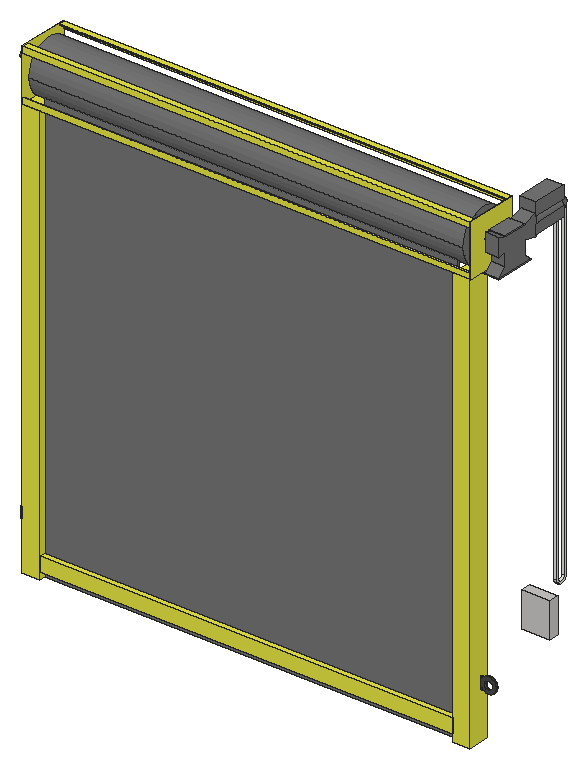
Revit family "CHI_Overhead_MaxSpeed350_120x120", category Doors, host Wall, Revit 2024
Family settings
  Host = Wall
  OmniClass Number = 23.30.10.00
  OmniClass Title = Doors
  Always vertical = Yes
  Cut with Voids When Loaded = No
  Shared = No
  Room Calculation Point = No
Parameters
  URL = "https://performaxglobal.com/wp-content/uploads/2018/12/MaxSpeed-Brochure.pdf"
  Specification = "https://www.arcat.com/company/c-h-i--overhead-doors-43804/spec"
  SpecWizard = ""
  Sales Information = "https://performaxglobal.com/contact/"
  Product Data = "https://performaxglobal.com/maxspeed/"
  Overall Width = Width + 0' 10"  # 10' - 10"
  Overall Height = Height + 1' 3"  # 11' - 5"
  Model = "MaxSpeed 350"
  Manufacturer Website = "https://www.chiohd.com/"
  Manufacturer Phone - Toll Free = "800-590-0559"
  Manufacturer Phone = ""
  Manufacturer Fax = "217-543-4454"
  Manufacturer Email = "info@performaxglobal.com"
  Manufacturer Address = "1485 Sunrise Dr., Arthur, IL 61911"
  Manufacturer = "C.H.I. Overhead Doors"
  Installation-Fabrication = "https://performaxglobal.com/wp-content/uploads/2017/06/MaxSpeed-InstallationManual-Web.pdf"
  Green Building-LEED = ""
  Function = Interior
  Frame Projection Ext. = 0' - 0.98425"
  Frame Projection Int. = 0' - 0.98425"
  Frame Width = 0' - 2.95276"
  Height = 10' - 2"
  Wall Closure = By host
  Width = 10' - 0"
  Construction Details = "https://www.arcat.com/company/c-h-i--overhead-doors-43804/cad"
Reference planes (in)
  plane 1: y = 0
  plane 2 "Center (Left/Right)": x = 0
  plane 3 "Left": x = -60
  plane 4 "Right": x = 60
  plane 5: z = 122
  plane 6 "Exterior": y = 2.95276
  plane 7 "Interior": y = -2.95276
  plane 8: x = 65
  plane 9: x = -65
  plane 10: x = -65.5
  plane 11: y = 8.95276
  plane 12: z = 137
Forms (in)
  Extrusion 1, solid, material "Frame"
    sketch origin (0, 0, 0) x (1, 0, 0) y (0, 1, 0)
      loop
        line (60, 8.95276) -> (60, 2.95276) -> (65, 2.95276) -> (65, 8.95276) -> (60, 8.95276)
    from 0 to 122
  Extrusion 2, solid, material "Frame"
    sketch origin (0, 0, 0) x (-1, 0, 0) y (0, -1, 0)
      loop
        line (60, -8.95276) -> (65, -8.95276) -> (65, -2.95276) -> (60, -2.95276) -> (60, -8.95276)
    from 0 to 122
  Extrusion 3, solid, material "Steel, Paint Finish, Dark Gray, Matte"
    sketch origin (0, 2.95276, 0) x (1, 0, 0) y (0, 0, 1)
      loop
        line (-65, 17.14052) -> (-65.5, 17.14052) -> (-65.5, 14) -> (-65, 14) -> (-65, 17.14052)
    from 0 to -11.16144
  Extrusion 4, solid, material "Steel, Paint Finish, Dark Gray, Matte"
    sketch origin (0, 5.20276, 0) x (1, 0, 0) y (0, 0, 1)
      loop
        line (60, 129.5) -> (-60, 129.5) -> (-60, 0) -> (60, 0) -> (60, 129.5)
    from 0 to 0.5
  Extrusion 5, solid, material "Frame"
    sketch origin (0, 0, 0) x (0, 1, 0) y (0, 0, 1)
      loop
        line (8.95276, 2) -> (8.95276, 6.19937) -> (2.95276, 6.19937) -> (2.95276, 2) -> (8.95276, 2)
    from -60 to 60
Lines and regions (in)
  Opening 1
    outline origin (-120.07874, -2.95276, 0) x (1, 0, 0) y (0, 0, 1)
      loop
        line (60.07874, 0) -> (180.07874, 0) -> (180.07874, 122) -> (60.07874, 122) -> (60.07874, 0)
  symbolic lines, style "Elevation Swing"
    curve 1: line (60, -2.95276, 61) -> (-60, -2.95276, 122)
    curve 2: line (60, -2.95276, 61) -> (-60, -2.95276, 0)
Text (in)
  text "Exterior" at (-90.35496, 43.28909, 0), in view "Ref. Level"
  text "Exterior" at (0, 63.59764, 145.59372), in view "Left"
  text "Exterior" at (0, 40.78868, 152.55637), in view "Right"
Dimensions and locks (in)
  equal spacing: plane 3 "Left", plane 2 "Center (Left/Right)", plane 4 "Right"
  "Width": plane 3 "Left" to plane 4 "Right"
  "Height": plane 5 to host wall
  equal spacing: host wall, curve 2, plane 5
  host wall to plane 5 = 10' - 2"
  locked: plane 6 "Exterior" to host wall at 0
  locked: plane 7 "Interior" to host wall
  locked: plane 4 "Right" to plane 8 at 5
  locked: plane 9 to plane 3 "Left" at 5
  locked: plane 9 to plane 10 at 0.5
  plane 6 "Exterior" to plane 11 = 0' - 6"
  "Overall Height": level to plane 12
  locked: nested 2 to Extrusion 1 at 15.01817
  aligned and locked: plane 3 "Left" to Opening 1 sketch curve
  aligned and locked: plane 5 to Opening 1 sketch curve  (x2)
  aligned and locked: Opening 1 sketch curve to plane 4 "Right"
  aligned and locked: Opening 1 sketch curve to level
  aligned and locked: plane 5 to curve 1
  aligned and locked: plane 3 "Left" to curve 2
  aligned and locked: plane 1 to host wall
  aligned and locked: plane 3 "Left" to curve 1
  aligned and locked: plane 8 to Extrusion 1 sketch curve
  aligned and locked: Extrusion 1 sketch curve to plane 4 "Right"
  aligned and locked: Extrusion 1 to plane 5
  aligned and locked: Extrusion 2 sketch curve to plane 3 "Left"
  aligned and locked: Extrusion 2 sketch curve to plane 9
  aligned and locked: Extrusion 3 sketch curve to plane 10
  aligned and locked: Extrusion 3 sketch curve to plane 9
  aligned and locked: nested 1 to host wall
  aligned and locked: plane 5 to nested 1
  aligned and locked: Extrusion 2 to plane 5
  aligned and locked: plane 11 to Extrusion 1
  aligned and locked: Extrusion 2 to Extrusion 1
  aligned and locked: plane 3 "Left" to Extrusion 5
  aligned and locked: Extrusion 5 to plane 4 "Right"
  aligned and locked: nested 2 to host wall
  aligned and locked: plane 8 to nested 3
Automatic sketch dimensions
  curve 2 to level = 0' - 0"
  plane 4 "Right" to curve 2 = 0' - 0"
  Extrusion 1 sketch curve to host wall = 0' - 0"
  Extrusion 1 sketch curve to plane 11 = 0' - 0"
  Extrusion 2 sketch curve to host wall = 0' - 0"
  Extrusion 2 sketch curve to plane 11 = 0' - 0"
  level to Extrusion 3 sketch curve = 1' - 2"
  Extrusion 3 sketch curve to Extrusion 3 sketch curve = 0' - 3.14052"
  plane 3 "Left" to Extrusion 4 sketch curve = 0' - 0"
  Extrusion 4 sketch curve to level = 0' - 0"
  plane 4 "Right" to Extrusion 4 sketch curve = 0' - 0"
  Extrusion 4 sketch curve to plane 5 = 0' - 7 1/2"
  Extrusion 5 sketch curve to host wall = 0' - 0"
  Extrusion 5 sketch curve to plane 11 = 0' - 0"
  level to Extrusion 5 sketch curve = 0' - 2"
  Extrusion 5 sketch curve to Extrusion 5 sketch curve = 0' - 4.19937"
Nested families (in)
  nested 1: "120x120 Shutter Head" at (0, 17.95276, 122) x (-1, 0, 0) z (0, 0, 1), type "120x120 Shutter Head"
  nested 2: "Control Panel" at (80.01817, 0, 36.3858), type "Control Panel"
  nested 3: "Reflective Photo Eye" at (64.60827, 3.45276, 13.51952), type "Reflective Photo Eye"
Definition of nested family "120x120 Shutter Head"
  Parameters (values of type "120x120 Shutter Head")
    Overall Width = 10' - 10"
    Default Elevation = 0' - 0"
  Reference planes (in)
    plane 1 "Center (Front/Back)": y = 0
    plane 2: z = 0
    plane 3 "Center (Left/Right)": x = 0
    plane 4: z = 15
    plane 5: y = 15
    plane 6: x = 65
    plane 7: x = -65
    plane 8: x = 63
    plane 9: x = -63
    plane 10: x = -65.25
    plane 11: x = 65.25
    plane 12: x = 71
    plane 13: x = 64.25
    plane 14: z = 7.5
  Forms (in)
    Extrusion 1, solid
      sketch origin (0, 0, 0) x (0, 1, 0) y (0, 0, 1)
        loop
          circle (7.5, 7.5) r 7.5
      from -63 to 63
    Extrusion 2, solid
      sketch origin (0, 0, 0) x (1, 0, 0) y (0, 0, 1)
        loop
          line (-65.25, 15) -> (-65.25, 0) -> (-65, 0) -> (-65, 15) -> (-65.25, 15)
      from 0 to -15
    Extrusion 3, solid
      sketch origin (0, 0, 0) x (1, 0, 0) y (0, 0, 1)
        loop
          line (65, 15) -> (65, 0) -> (65.25, 0) -> (65.25, 15) -> (65, 15)
      from 0 to -15
    Extrusion 4, solid
      sketch origin (0, 0, 0) x (0, 1, 0) y (0, 0, 1)
        loop
          line (15, 15) -> (13.25, 15) -> (13.25, 14.75) -> (14.75, 14.75) -> (14.75, 13.25) -> (15, 13.25) -> (15, 15)
        loop
          line (0, 15) -> (0, 13.25) -> (0.25, 13.25) -> (0.25, 14.75) -> (1.75, 14.75) -> (1.75, 15) -> (0, 15)
        loop
          line (15, 0) -> (15, 1.75) -> (14.75, 1.75) -> (14.75, 0.25) -> (13.25, 0.25) -> (13.25, 0) -> (15, 0)
        loop
          line (0, 0) -> (1.75, 0) -> (1.75, 0.25) -> (0.25, 0.25) -> (0.25, 1.75) -> (0, 1.75) -> (0, 0)
      from -65 to 65
    Extrusion 5, solid
      sketch origin (-63, -7.5, 0) x (0, -1, 0) y (0, 0, 1)
        loop
          circle (-15, 7.5) r 0.75
      from -134 to -126
    Extrusion 6, solid
      sketch origin (-63, -7.5, -0.125) x (0, -1, 0) y (0, 0, 1)
        loop
          circle (-15, 7.63155) r 3.25
      from -128 to -127.25
  Dimensions and locks (in)
    equal spacing: plane 6, plane 3 "Center (Left/Right)", plane 7
    "Overall Width": plane 6 to plane 7
    locked: plane 9 to plane 7 at 2
    locked: plane 6 to plane 8 at 2
    locked: plane 7 to plane 10 at 0.25
    locked: plane 6 to plane 11 at 0.25
    locked: plane 12 to plane 6 at 6
    locked: plane 6 to plane 13 at 0.75
    aligned and locked: level to plane 2
    aligned and locked: plane 8 to Extrusion 1
    aligned and locked: plane 9 to Extrusion 1
    aligned and locked: Extrusion 2 sketch curve to plane 7
    aligned and locked: plane 10 to Extrusion 2 sketch curve
    aligned and locked: plane 5 to Extrusion 2
    aligned and locked: plane 1 "Center (Front/Back)" to Extrusion 2
    aligned and locked: plane 6 to Extrusion 3 sketch curve
    aligned and locked: plane 11 to Extrusion 3 sketch curve
    aligned and locked: Extrusion 3 to plane 1 "Center (Front/Back)"
    aligned and locked: plane 5 to Extrusion 3
    aligned and locked: plane 6 to Extrusion 4
    aligned and locked: Extrusion 4 to plane 7
    aligned and locked: Extrusion 1 to Extrusion 5
    aligned and locked: nested 1 to plane 9
    aligned and locked: plane 12 to Extrusion 5
  Automatic sketch dimensions
    Extrusion 1 sketch curve to plane 1 "Center (Front/Back)" = 0' - 7 1/2"
    level to Extrusion 1 sketch curve = 0' - 7 1/2"
    Extrusion 2 sketch curve to level = 0' - 0"
    Extrusion 2 sketch curve to plane 4 = 0' - 0"
    Extrusion 3 sketch curve to level = 0' - 0"
    Extrusion 3 sketch curve to plane 4 = 0' - 0"
    Extrusion 4 sketch curve to plane 1 "Center (Front/Back)" = 0' - 0"  (x2)
    Extrusion 4 sketch curve to plane 4 = 0' - 0"  (x2)
    Extrusion 4 sketch curve to level = 0' - 0"  (x2)
    Extrusion 4 sketch curve to plane 5 = 0' - 0"  (x2)
    Extrusion 4 sketch curve to plane 1 "Center (Front/Back)" = 0' - 0 1/4"
    Extrusion 4 sketch curve to Extrusion 4 sketch curve = 0' - 0 1/4"  (x2)
    level to Extrusion 4 sketch curve = 0' - 0 1/4"  (x2)
    Extrusion 4 sketch curve to Extrusion 4 sketch curve = 0' - 1 1/2"  (x4)
    Extrusion 4 sketch curve to plane 5 = 0' - 1 3/4"
    Extrusion 4 sketch curve to Extrusion 4 sketch curve = 0' - 1 3/4"  (x2)
    Extrusion 4 sketch curve to plane 5 = 0' - 0 1/4"  (x2)
    Extrusion 4 sketch curve to plane 4 = 0' - 1 3/4"
    Extrusion 4 sketch curve to plane 4 = 0' - 0 1/4"
    Extrusion 6 sketch curve to plane 1 "Center (Front/Back)" = 0' - 7 1/2"
    Extrusion 6 sketch curve to plane 4 = 0' - 7.49345"
    radius of Extrusion 1 sketch curve = 0' - 7 1/2"
    radius of Extrusion 5 sketch curve to Extrusion 1 = 0' - 6 3/4"
    radius of Extrusion 6 sketch curve = 0' - 3 1/4"
  Nested families (in)
    nested 1: "Shutter head Machine" at (-72, 0, -76.18038), type "Shutter head Machine"
  Definition of nested family "Shutter head Machine"
    Parameters (values of type "Shutter head Machine")
      Default Elevation = 0' - 0"
    Reference planes (in)
      plane 1 "Center (Front/Back)": y = 0
      plane 2: z = 0
      plane 3 "Center (Left/Right)": x = 0
    Forms (in)
      Extrusion 1, solid
        sketch origin (71.02885, 0, 76.18038) x (1, 0, 0) y (0, 0, 1)
          loop
            line (-67.07741, 7.54503) -> (-67.07741, 10.40244)
            arc (-67.07741, 10.40244) -> (-69.05313, 12.37816) -> (-71.02885, 10.40244) r 1.97572
            line (-71.02885, 10.40244) -> (-71.02885, 7.54503) -> (-67.07741, 7.54503)
        from 0 to 10.15202
      Extrusion 2, solid
        sketch origin (71.02885, 0, 81.01351) x (1, 0, 0) y (0, 0, 1)
          loop
            line (-66.32741, 7.54503) -> (-66.32741, 11.15244) -> (-71.02885, 11.15244) -> (-71.02885, 7.54503) -> (-66.32741, 7.54503)
        from 0 to 10.15202
      Extrusion 3, solid
        sketch origin (0, -1.25, 78.08282) x (0, 0, 1) y (0, 1, 0)
          loop
            circle (8, -10.15202) r 1.75
        from -2.50726 to -1.54855
      Extrusion 4, solid
        sketch origin (0, 0, 78.58282) x (0, 0, 1) y (0, 1, 0)
          loop
            arc (7.5, -13.15202) -> (9.25, -11.40202) -> (7.5, -9.65202) r 1.75
            line (7.5, -9.65202) -> (-89.43125, -9.65202)
            arc (-89.43125, -9.65202) -> (-91.18125, -11.40202) -> (-89.43125, -13.15202) r 1.75
            line (-89.43125, -13.15202) -> (7.5, -13.15202)
          loop
            arc (7.5, -12.65202) -> (8.75, -11.40202) -> (7.5, -10.15202) r 1.25
            line (7.5, -10.15202) -> (-89.43125, -10.15202)
            arc (-89.43125, -10.15202) -> (-90.68125, -11.40202) -> (-89.43125, -12.65202) r 1.25
            line (-89.43125, -12.65202) -> (7.5, -12.65202)
        from -2.41131 to -1.63729
      Extrusion 5, solid
        sketch origin (0, 16.65139, 76.20131) x (0, 0, 1) y (0, 1, 0)
          loop
            line (6.85069, -16.65139) -> (13.04612, -16.65139) -> (11.80727, -12.76866) -> (11.80727, -5.67437) -> (12.51013, -3.47152) -> (7.30081, -3.47152) -> (7.89106, -5.67437) -> (3.97486, -5.67437) -> (1.76013, -3.45964) -> (1.76013, -14.9834) -> (3.97486, -12.76866) -> (7.89106, -12.76866) -> (6.85069, -16.65139)
        from -3.95144 to 0
      Extrusion 6, solid
        sketch origin (71.02885, 0, 70.01351) x (1, 0, 0) y (0, 0, 1)
          loop
            line (-66.32741, 7.79527) -> (-66.32741, 7.94793) -> (-71.02885, 7.94793) -> (-71.02885, 7.79527) -> (-66.32741, 7.79527)
        from -13.19176 to -1.66873
      Extrusion 7, solid
        sketch origin (71.02885, 0, 80.56474) x (1, 0, 0) y (0, 0, 1)
          loop
            line (-66.32741, 7.44384) -> (-66.32741, 7.5423) -> (-71.02885, 7.5423) -> (-71.02885, 7.44384) -> (-66.32741, 7.44384)
        from -10.97702 to -3.88273
      Extrusion 8, solid
        sketch origin (8.02885, -7.5, 76.18038) x (0, -1, 0) y (0, 0, 1)
          loop
            circle (-15, 7.5) r 0.75
        from -0.97115 to 5.52158
    Lines and regions (in)
      model lines
        curve 1: circle (0, 7.50145, 83.67237) r 3.25 normal (-1, 0, 0)
        curve 2: circle (0, 7.50145, 83.67237) r 1.75 normal (-1, 0, 0)
        curve 3: circle (0, 7.50145, 83.67237) r 0.75 normal (-1, 0, 0)
        curve 4: line (0, 7.50145, 86.92237) -> (0, 7.50145, 85.42237)
        curve 5: line (0, 6.66765, 85.21096) -> (0, 5.95297, 86.52976)
        curve 6: line (0, 5.96662, 84.51308) -> (0, 4.72496, 85.36163)
        curve 7: line (0, 5.75145, 83.67237) -> (0, 4.25145, 83.67237)
        curve 8: line (0, 8.33525, 85.21096) -> (0, 9.04993, 86.52976)
        curve 9: line (0, 9.03628, 84.51308) -> (0, 10.27794, 85.36163)
        curve 10: line (0, 9.25145, 83.67237) -> (0, 10.75145, 83.67237)
        curve 11: line (0, 7.50145, 80.42237) -> (0, 7.50145, 81.92237)
        curve 12: line (0, 6.66765, 82.13377) -> (0, 5.95297, 80.81497)
        curve 13: line (0, 5.96662, 82.83165) -> (0, 4.72496, 81.98311)
        curve 14: line (0, 8.33525, 82.13377) -> (0, 9.04993, 80.81497)
        curve 15: line (0, 9.03628, 82.83165) -> (0, 10.27794, 81.98311)
        curve 16: line (0, 2.45922, 88.46277) -> (0, 2.45922, 83.71095)
        curve 17: line (0, 3.88273, 88.00858) -> (0, 3.88273, 84.09237)
        curve 18: line (0, 12.07845, 88.36001) -> (0, 12.07845, 83.79725)
        curve 19: line (0, 10.97702, 88.00858) -> (0, 10.97702, 84.09237)
        curve 20: line (0, 10.97702, 87.04737) -> (0, 3.88273, 87.04737)
        curve 21: line (0, 10.97702, 80.71751) -> (0, 8.85471, 80.71751)
        curve 22: line (0, 7.95224, 77.96144) -> (0, 7.95224, 78.71144)
        curve 23: line (0, 7.95224, 78.71144) -> (0, 6.95224, 78.71144)
        curve 24: line (0, 6.95224, 78.71144) -> (0, 6.95224, 77.96144)
        curve 25: line (0, 6.14819, 80.71751) -> (0, 3.88273, 80.71751)
        curve 26: circle (1.54855, -11.40202, 86.08282) r 0.75 normal (-1, 0, 0)
        curve 27: circle (2.50726, -11.40202, 86.08282) r 0.75 normal (-1, 0, 0)
    Dimensions and locks (in)
      Extrusion 8 to plane 3 "Center (Left/Right)" = 0' - 9"
      aligned and locked: level to plane 2
Definition of nested family "Control Panel"
  Parameters (values of type "Control Panel")
    Default Elevation = 0' - 0"
  Reference planes (in)
    plane 1 "Center (Front/Back)": y = 0
    plane 2: z = 0
    plane 3 "Center (Left/Right)": x = 0
  Forms (in)
    Extrusion 1, solid
      sketch origin (-279.36856, 2.95276, -36.8858) x (-1, 0, 0) y (0, 0, 1)
        loop
          line (-279.36856, 46.8858) -> (-287.36856, 46.8858) -> (-287.36856, 36.8858) -> (-279.36856, 36.8858) -> (-279.36856, 46.8858)
      from 0 to 3.04078
    Extrusion 2, solid
      sketch origin (-287.36856, 1.99354, -36.8858) x (-1, 0, 0) y (0, 0, 1)
        loop
          line (-290.09008, 43.65264) -> (-292.19685, 43.65264) -> (-292.19685, 40.59088) -> (-290.09008, 40.59088) -> (-290.09008, 43.65264)
      from 4 to 4.58626
    Extrusion 3, solid
      sketch origin (-284.66867, 1.99354, -34.30257) x (-1, 0, 0) y (0, 0, 1)
        loop
          circle (-291.28645, 42.30588) r 0.5
      from 4 to 4.58626
    Extrusion 4, solid
      sketch origin (-284.66867, 1.99354, -36.80257) x (-1, 0, 0) y (0, 0, 1)
        loop
          circle (-291.28645, 42.30588) r 0.5
      from 4 to 4.58626
    Extrusion 5, solid
      sketch origin (-284.66867, 1.99354, -39.05257) x (-1, 0, 0) y (0, 0, 1)
        loop
          circle (-291.28645, 42.30588) r 0.5
      from 4 to 4.58626
  Dimensions and locks (in)
    aligned and locked: level to plane 2
Definition of nested family "Reflective Photo Eye"
  Parameters (values of type "Reflective Photo Eye")
    Default Elevation = 0' - 0"
  Reference planes (in)
    plane 1 "Center (Front/Back)": y = 0
    plane 2: z = 0
    plane 3 "Center (Left/Right)": x = 0
  Forms (in)
    Extrusion 1, solid
      sketch origin (-261.45866, 2.95276, -14.49647) x (-1, 0, 0) y (0, 0, 1)
        loop
          circle (-264.47539, 16.74491) r 1.25
        loop
          line (-262.60039, 18.49491) -> (-262.60039, 17.98864)
          arc (-262.60039, 17.98864) -> (-266.72539, 16.74491) -> (-262.60039, 15.50117) r 2.25
          line (-262.60039, 15.50117) -> (-262.60039, 14.97695) -> (-261.85039, 14.97695) -> (-261.85039, 18.49491) -> (-262.60039, 18.49491)
      from 0 to 0.3937
  Dimensions and locks (in)
    aligned and locked: level to plane 2
